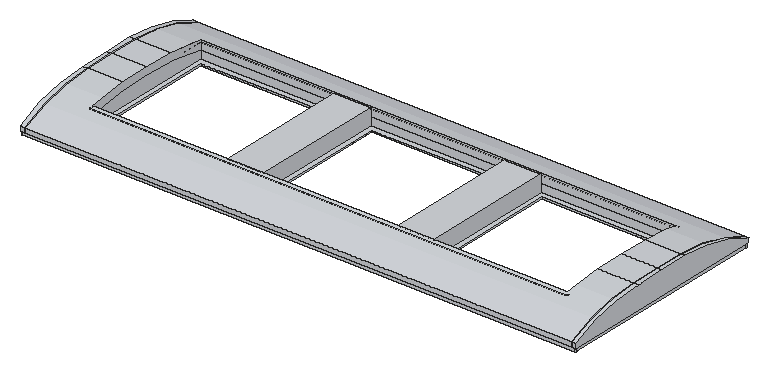
Revit family "Gira_021371", category Electrical Fixtures, host Face, Revit 2017
Family settings
  Host = Face
  Maintain Annotation Orientation = No
  Round Connector Dimension = Use Diameter
  Part Type = Normal
  Cut with Voids When Loaded = No
  Shared = No
  Room Calculation Point = No
Parameters (values of type "Cov.fr. 3-g interm.fr. CAl Gira Event p.white m")
  With mounting grid = "No"
  With hinged lid = "No"
  URL = "http://katalog.gira.de/en/datenblatt.html?artikelnr=021371"
  Type of fastening = "Clamp mounting"
  Transparent = "No"
  Surface protection = "Other"
  Surface finishing = "Matt"
  Suitable for wall duct = "No"
  Suitable for flush-mounted installation = "Yes"
  Suitable for floor box = "No"
  Suitable for built-in installation = "No"
  Number of units vertical = "3"
  Number of units horizontal = "3"
  Number of units = "3"
  Name = "Cov.fr. 3-g interm.fr. CAl Gira Event p.white m"
  Mounting direction = "Horizontal and vertical"
  Material quality = "Thermoplastic"
  Material = "Plastic"
  Manufacturer URL = "https://www.gira.de/"
  Manufacturer = "Gira"
  Label space/information surface = "No"
  Keynote = ""
  HeinzeBIM = "https://bimportal.heinze.de/bim/cov-fr-3-g-interm-fr-cal-gira-event-p-white-m/993e460db8a90d52be7fa70ae7cf5f6dd920997e"
  Halogen free = "Yes"
  HAN = "021371"
  GTIN = "4010337213710"
  Description = "Cov.fr.3g i.fr.CAl Event PWm,Gira Event frames,pure white matt with colour aluminium intermediate frame,3-gang,Features:,- Shatter-proof."
  Degree of protection (IP) = "IP20"
  Default Elevation = 1219.2 mm
  Data sheet (1) = "https://katalog.gira.de/en/download.html?artikelnr=021371"
  Colour = "White"
  Category = "Cover frame for domestic switching devices"
  BIM (1) = "https://media.stage.bim.site/public/gira/36a6b08/Event_Rahmen_3fach.rfa"
  Available = "No"
Reference planes
  plane 1 "Center (Front/Back)": y = 0
  plane 2: z = 0
  plane 3 "Center (Left/Right)": x = 0
Forms (mm)
  Extrusion 1, solid, detail levels fine
    sketch origin (0, 0, 0.05) x (0, 1, 0) y (0, 0, 1)
      loop
        arc (12.445, 9.683) -> (6.223, 9.833) -> (0, 9.85) r 291.636
        arc (0, 9.85) -> (-6.223, 9.833) -> (-12.445, 9.683) r 291.636
        arc (-12.445, 9.683) -> (-29.14, 7.482) -> (-45, 1.823) r 79.728
        line (-45, 1.823) -> (-45, -0.05) -> (-42.086, -0.05)
        arc (-42.086, -0.05) -> (-21.385, 5.559) -> (0, 7.206) r 114.424
        arc (0, 7.206) -> (21.385, 5.559) -> (42.086, -0.05) r 114.424
        line (42.086, -0.05) -> (45, -0.05) -> (45, 1.823)
        arc (45, 1.823) -> (29.14, 7.482) -> (12.445, 9.683) r 79.728
    from -114.3 to 114.3
  Extrusion 2, void, detail levels fine
    sketch origin (0, 0, 0) x (1, 0, 0) y (0, 1, 0)
      loop
        line (-99.355, -28.053) -> (99.355, -28.053) -> (99.355, 28.053) -> (-99.355, 28.053) -> (-99.355, -28.053)
    from 0.724 to 11
  Extrusion 3, solid, detail levels coarse
    sketch origin (0, 0, 0) x (1, 0, 0) y (0, 1, 0)
      loop
        line (-116.3, 45) -> (-116.3, -45) -> (116.3, -45) -> (116.3, 45) -> (-116.3, 45)
    from -1.5 to 9.9
  Extrusion 4, solid, detail levels medium
    sketch origin (0, 0, 0.05) x (0, 1, 0) y (0, 0, 1)
      loop
        arc (12.445, 9.683) -> (6.223, 9.833) -> (0, 9.85) r 291.636
        arc (0, 9.85) -> (-6.223, 9.833) -> (-12.445, 9.683) r 291.636
        arc (-12.445, 9.683) -> (-29.14, 7.482) -> (-45, 1.823) r 79.728
        line (-45, 1.823) -> (-45, -0.05) -> (45, -0.05) -> (45, 1.823)
        arc (45, 1.823) -> (29.14, 7.482) -> (12.445, 9.683) r 79.728
    from -116.3 to 116.3
  Extrusion 5, solid, detail levels fine
    sketch origin (-71.3, 0, -1.5) x (0, 1, 0) y (0, 0, -1)
      loop
        line (45, -3.373) -> (45, -1.5) -> (-45, -1.5) -> (-45, -3.373)
        arc (-45, -3.373) -> (-29.14, -9.032) -> (-12.445, -11.233) r 79.728
        arc (-12.445, -11.233) -> (-6.223, -11.383) -> (0, -11.4) r 291.636
        arc (0, -11.4) -> (6.223, -11.383) -> (12.445, -11.233) r 291.636
        arc (12.445, -11.233) -> (29.14, -9.032) -> (45, -3.373) r 79.728
    from 43 to 45
  Extrusion 6, solid, detail levels fine
    sketch origin (0, 0, 0) x (1, 0, 0) y (0, 1, 0)
      loop
        line (-97.195, 25.7) -> (-97.195, -25.7) -> (-45.395, -25.7) -> (-45.395, 25.7) -> (-97.195, 25.7)
      loop
        line (25.9, -25.7) -> (25.9, 25.7) -> (-25.9, 25.7) -> (-25.9, -25.7) -> (25.9, -25.7)
      loop
        line (-100.19, 28.49) -> (-100.19, -28.495)
        spline (-100.19, -28.495) -> (-100.181, -28.625) -> (-100.156, -28.754) -> (-100.113, -28.878) -> (-100.056, -28.995) -> (-99.983, -29.104) -> (-99.897, -29.202) -> (-99.798, -29.288) -> (-99.69, -29.361) -> (-99.572, -29.419) -> (-99.448, -29.461) -> (-99.32, -29.486) -> (-99.19, -29.495)
        line (-99.19, -29.495) -> (99.195, -29.495)
        spline (99.195, -29.495) -> (99.325, -29.486) -> (99.454, -29.461) -> (99.578, -29.419) -> (99.695, -29.361) -> (99.804, -29.288) -> (99.902, -29.202) -> (99.988, -29.104) -> (100.061, -28.995) -> (100.119, -28.878) -> (100.161, -28.754) -> (100.186, -28.625) -> (100.195, -28.495)
        line (100.195, -28.495) -> (100.195, 28.49)
        spline (100.195, 28.49) -> (100.186, 28.62) -> (100.161, 28.748) -> (100.119, 28.872) -> (100.061, 28.99) -> (99.988, 29.098) -> (99.902, 29.197) -> (99.804, 29.283) -> (99.695, 29.356) -> (99.578, 29.413) -> (99.454, 29.456) -> (99.325, 29.481) -> (99.195, 29.49)
        line (99.195, 29.49) -> (-99.19, 29.49)
        spline (-99.19, 29.49) -> (-99.32, 29.481) -> (-99.448, 29.456) -> (-99.572, 29.413) -> (-99.69, 29.356) -> (-99.798, 29.283) -> (-99.897, 29.197) -> (-99.983, 29.098) -> (-100.056, 28.99) -> (-100.113, 28.872) -> (-100.156, 28.748) -> (-100.181, 28.62) -> (-100.19, 28.49)
      loop
        line (97.2, -25.7) -> (97.2, 25.7) -> (45.4, 25.7) -> (45.4, -25.7) -> (97.2, -25.7)
    from 0.1 to 7.3
  Extrusion 7, solid
    sketch origin (0, 0, 0) x (1, 0, 0) y (0, 1, 0)
      loop
        arc (-116, -44.2) -> (-115.854, -44.554) -> (-115.5, -44.7) r 0.5
        line (-115.5, -44.7) -> (115.5, -44.7)
        arc (115.5, -44.7) -> (115.854, -44.554) -> (116, -44.2) r 0.5
        line (116, -44.2) -> (116, 44.2)
        arc (116, 44.2) -> (115.854, 44.554) -> (115.5, 44.7) r 0.5
        line (115.5, 44.7) -> (-115.5, 44.7)
        arc (-115.5, 44.7) -> (-115.854, 44.554) -> (-116, 44.2) r 0.5
        line (-116, 44.2) -> (-116, -44.2)
      loop
        line (-114.3, 43) -> (-114.3, -43) -> (114.3, -43) -> (114.3, 43) -> (-114.3, 43)
    from -1.5 to 0.5
  Extrusion 8, solid, detail levels fine
    sketch origin (71.3, 0, -1.5) x (0, 1, 0) y (0, 0, 1)
      loop
        arc (45, 3.373) -> (29.14, 9.032) -> (12.445, 11.233) r 79.728
        arc (12.445, 11.233) -> (6.223, 11.383) -> (0, 11.4) r 291.636
        arc (0, 11.4) -> (-6.223, 11.383) -> (-12.445, 11.233) r 291.636
        arc (-12.445, 11.233) -> (-29.14, 9.032) -> (-45, 3.373) r 79.728
        line (-45, 3.373) -> (-45, 1.5) -> (45, 1.5) -> (45, 3.373)
    from 43 to 45
  Extrusion 9, solid, detail levels medium
    sketch origin (0, 0, 0) x (1, 0, 0) y (0, 1, 0)
      loop
        line (-116, -44.7) -> (116, -44.7) -> (116, 44.7) -> (-116, 44.7) -> (-116, -44.7)
    from -1.5 to 0.5
  Extrusion 10, solid, detail levels fine
    sketch origin (-34.207, 0, 0) x (1, 0, 0) y (0, 1, 0)
      loop
        line (-8.943, 28.063) -> (-8.943, -27.937) -> (6.057, -27.937) -> (6.057, 28.063) -> (-8.943, 28.063)
    from 0.724 to 7.566
  Extrusion 11, solid, detail levels fine
    sketch origin (34.207, 0, 0) x (-1, 0, 0) y (0, -1, 0)
      loop
        line (-8.943, -28.063) -> (6.057, -28.063) -> (6.057, 27.937) -> (-8.943, 27.937) -> (-8.943, -28.063)
    from 0.724 to 7.566
Cuts and joins
  Extrusion 2 cuts Extrusion 1
  Extrusion 2 cuts Extrusion 6
Dimensions and locks
  aligned and locked: plane 2 to host face
  aligned and locked: level to host face
